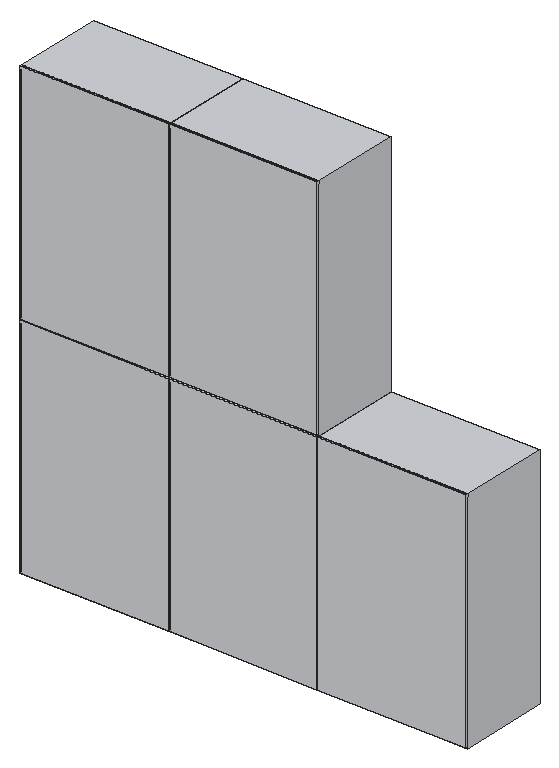
Revit family "LSN Configuration-D", category Electrical Equipment, host Face, Revit 2021
Family settings
  Host = Face
  Round Connector Dimension = Use Diameter
  Part Type = Other Panel
  OmniClass Number = 23.80.30.11.14
  OmniClass Title = Inverters
  Cut with Voids When Loaded = No
  Shared = No
  Room Calculation Point = No
Parameters (values of type "LSN")
  Width = 30.00"  # constant formula
  Wattage = ""
  Voltage = ""
  URL = "https://www.currentlighting.com/dual-lite"
  Temperature Range = "20°C - 30°C (68°F - 86°F)"  # constant formula
  Product Page URL = ""
  Product Documentation Link = ""
  Output Voltage = Output Voltage : 120/240VAC
  Model = "LSN - D Series"  # constant formula
  Manufacturer = "Dual-Lite"  # constant formula
  Load Classification = Power
  Input Voltage = Input Voltage : 120VAC
  Housing Material = Metal - Steel - Gray
  Height = 46.00"  # constant formula
  Door Open [instance] = no
  Door Angle [instance] = if(Door Open, 90.00°, 0.00°)  # 0.00°
  Description = "Single-Phase Central Lighting Inverters"  # constant formula
  Depth = 18.63"  # constant formula
  Default Elevation = 48.00"
  Connector Description = "Electrical Connector"  # constant formula
  Capacity Rating = Capacity Rating : 01 = 1.0KVA
  Battery Type = Battery Type : G = 20-Year VRLA Lead-Calcium
  Assembly Code = "D5090200"
Reference planes (in)
  plane 1 "Center (Front/Back)": y = 0
  plane 2 "Bottom": z = 0
  plane 3 "Center (Left/Right)": x = 0
  plane 4 "Right": x = 15
  plane 5 "Left": x = -15
  plane 6 "Top": z = 46
  plane 7 "T": y = 9.315
  plane 8 "Front": y = -9.315
  plane 9: y = -8.815
  plane 10: x = -14.5
  plane 11: z = 45.5
  plane 12: x = 14.5
  plane 13: z = 0.5
  plane 14: y = 8.815
Lines and regions (in)
  reference lines
    curve 1: line (-15, -8.815, 0) -> (-15, -9.315, 0)
    curve 2: line (-15, -8.815, 0) -> (-15, -15.565, 0)
    curve 3: line (-15, -8.815, 0) -> (-7, -8.815, 0)
Dimensions and locks (in)
  "Width": plane 5 "Left" to plane 4 "Right"
  "Depth": plane 8 "Front" to plane 7 "T"
  equal spacing: plane 8 "Front", plane 1 "Center (Front/Back)", plane 7 "T"
  equal spacing: plane 5 "Left", plane 3 "Center (Left/Right)", plane 4 "Right"
  locked: plane 9 to plane 8 "Front" at 0.5
  locked: plane 14 to plane 7 "T" at 0.5
  locked: curve 2 to curve 3 (angle 90.00°)
  "Door Angle": angle curve 3 to plane 9
  aligned and locked: host face to plane 2 "Bottom"
  aligned and locked: plane 9 to curve 1
  aligned and locked: plane 3 "Center (Left/Right)" to nested 1
  aligned and locked: plane 3 "Center (Left/Right)" to nested 2
  aligned and locked: plane 1 "Center (Front/Back)" to nested 1
  aligned and locked: plane 1 "Center (Front/Back)" to nested 2
  aligned and locked: nested 3 to plane 4 "Right"
  aligned and locked: plane 1 "Center (Front/Back)" to nested 3
  aligned and locked: nested 4 to plane 4 "Right"
  aligned and locked: plane 1 "Center (Front/Back)" to nested 4
  aligned and locked: nested 5 to nested 4
  aligned and locked: plane 1 "Center (Front/Back)" to nested 5
Automatic sketch dimensions
  host sketch curve to host sketch curve = 137.27536"
  host sketch curve to host sketch curve = 96.00"
  curve 1 to plane 5 "Left" = 0.00"
  curve 1 to plane 8 "Front" = 0.00"
Nested families (in)
  nested 1: "LSN" at (0, 0, 0), type "LSN"
    with Door Angle 0.00°
  nested 2: "LSN-1" at (0, 0, 46), type "LSN"
    with Door Angle 0.00°
  nested 3: "LSN" at (30, 0, 0), type "LSN"
    with Door Angle 0.00°
  nested 4: "LSN" at (30, 0, 46), type "LSN"
    with Door Angle 0.00°
  nested 5: "LSN" at (60, 0, 0), type "LSN"
    with Door Angle 0.00°
Connectors (in)
  electrical at (0, 9.315, 23), driven by "Connector Description", driven by "Load Classification"
    settings: on nested 1, index 1, voltage 0 V, apparent load 0 VA, apparent load phase1 0 VA, apparent load phase2 0 VA, apparent load phase3 0 VA, power factor 1, load classification "Power", number of poles 1, system type 30, power factor state 1, is connector primary yes, connector utility no, sub classification motor no, connector description "Electrical Connector"
Definition of nested family "LSN"
  Parameters
    Width = 30.00"  # constant formula
    Wattage = ""
    Voltage = ""
    URL = "http://www.dual-lite.com/"
    Temperature Range = "20°C - 30°C (68°F - 86°F)"  # constant formula
    Product Page URL = "http://www.dual-lite.com/products/lsn_d_series"
    Product Documentation Link = "http://cdn.dual-lite.com/content/products/specs/specs_files/dlt_lsn_specsht.pdf"
    Model = "LSN - D Series"  # constant formula
    Manufacturer Phone = "864-678-1000"  # constant formula
    Manufacturer Fax = "866-898-0131"  # constant formula
    Manufacturer = "Dual-Lite"  # constant formula
    Load Classification = none
    Housing Material = none
    Height = 46.00"  # constant formula
    Door Open = no
    Door Angle [instance] = if(Door Open, 90.00°, 0.00°)  # 0.00°
    Description = "Single-Phase Central Lighting Inverters"  # constant formula
    Depth = 18.63"  # constant formula
    Default Elevation = 48.00"
    Connector Description = "Electrical Connector"  # constant formula
    Assembly Code = "D5090200"
  Reference planes (in)
    plane 1 "Center (Front/Back)": y = 0
    plane 2 "Bottom": z = 0
    plane 3 "Center (Left/Right)": x = 0
    plane 4 "Right": x = 15
    plane 5 "Left": x = -15
    plane 6 "Top": z = 46
    plane 7 "T": y = 9.315
    plane 8 "Front": y = -9.315
    plane 9: y = -8.815
    plane 10: x = -14.5
    plane 11: z = 45.5
    plane 12: x = 14.5
    plane 13: z = 0.5
    plane 14: y = 8.815
  Forms (in)
    Extrusion 1, solid
      sketch origin (0, 0, 0) x (1, 0, 0) y (0, 1, 0)
        loop
          line (-48, 48) -> (-48, -48) -> (48, -48) -> (48, 48) -> (-48, 48)
      from 0 to -12
    Extrusion 2, solid, material <- "Housing Material"
      sketch origin (31, -10.16313, -33.67652) x (-1, 0, 0) y (0, 0, -1)
        loop
          line (46, -79.67652) -> (46, -33.67652) -> (16, -33.67652) -> (16, -79.67652) -> (46, -79.67652)
      from -1.34813 to -19.47813
    Extrusion 3, void
      sketch origin (0, -10.16313, 0) x (-1, 0, 0) y (0, 0, -1)
        loop
          line (14.5, -45.5) -> (14.5, -0.5) -> (-14.5, -0.5) -> (-14.5, -45.5) -> (14.5, -45.5)
      from -0.84813 to -18.97813
  Cuts and joins
    Extrusion 3 cuts Extrusion 2
  Lines and regions (in)
    reference lines
      curve 1: line (-15, -8.815, 0) -> (-15, -9.315, 0)
      curve 2: line (-15, -8.815, 0) -> (-15, -15.565, 0)
      curve 3: line (-15, -8.815, 0) -> (-7, -8.815, 0)
  Dimensions and locks (in)
    "Width": plane 5 "Left" to plane 4 "Right"
    "Depth": plane 8 "Front" to plane 7 "T"
    equal spacing: plane 8 "Front", plane 1 "Center (Front/Back)", plane 7 "T"
    equal spacing: plane 5 "Left", plane 3 "Center (Left/Right)", plane 4 "Right"
    locked: plane 9 to plane 8 "Front" at 0.5
    locked: plane 5 "Left" to plane 10 at 0.5
    locked: plane 6 "Top" to plane 11 at 0.5
    locked: plane 4 "Right" to plane 12 at 0.5
    locked: plane 14 to plane 7 "T" at 0.5
    locked: plane 13 to plane 2 "Bottom" at 0.5
    "Height": plane 6 "Top" to plane 2 "Bottom"
    locked: curve 2 to curve 3 (angle 90.00°)
    "Door Angle": angle curve 3 to plane 9
    "Door Angle": angle nested 1 to plane 9
    aligned and locked: plane 2 "Bottom" to Extrusion 1
    aligned and locked: Extrusion 2 sketch curve to plane 4 "Right"
    aligned and locked: plane 5 "Left" to Extrusion 2 sketch curve
    aligned and locked: Extrusion 3 sketch curve to plane 11
    aligned and locked: Extrusion 3 sketch curve to plane 12
    aligned and locked: plane 13 to Extrusion 3 sketch curve
    aligned and locked: Extrusion 3 sketch curve to plane 10
    aligned and locked: Extrusion 3 to plane 14
    aligned and locked: plane 9 to curve 1
    aligned and locked: Extrusion 2 to plane 7 "T"
    aligned and locked: Extrusion 3 to plane 8 "Front"
    aligned and locked: Extrusion 2 to plane 9
    aligned and locked: plane 6 "Top" to Extrusion 2
    aligned and locked: curve 2 to nested 1
    aligned and locked: curve 3 to nested 1
    aligned and locked: plane 6 "Top" to nested 1
  Automatic sketch dimensions
    Extrusion 1 sketch curve to Extrusion 1 sketch curve = 96.00"  (x2)
    Extrusion 2 sketch curve to plane 6 "Top" = 0.00"
    curve 3 to plane 5 "Left" = 0.00"
    curve 1 to plane 8 "Front" = 0.00"
    Extrusion 2 sketch curve to plane 2 "Bottom" = 0.00"
  Nested families (in)
    nested 1: "Door" at (0, -8.815, 0), type "Door"
  Definition of nested family "Door"
    Parameters
      Material = none
      Length = 30.00"
      Height = 46.00"
      Default Elevation = 0.00"
    Reference planes (in)
      plane 1 "Center (Front/Back)": y = 0
      plane 2: z = 0
      plane 3 "Center (Left/Right)": x = 0
      plane 4: x = 15
      plane 5: x = -15
      plane 6: y = -0.5
      plane 7: y = -0.4
      plane 8: z = 46
      plane 9: z = 0.50743
      plane 10: z = 45.5
      plane 11: x = -14.8
      plane 12: x = 14.8
      plane 13: z = 0.29687
    Forms (in)
      Extrusion 1, solid, material <- "Material"
        sketch origin (0, 0, 0) x (0, 1, 0) y (0, 0, 1)
          loop
            line (0, 46) -> (-0.5, 46) -> (-0.5, 0.29687) -> (0, 0.29687) -> (0, 0.50743) -> (-0.4, 0.50743) -> (-0.4, 45.5) -> (0, 45.5) -> (0, 46)
        from -15 to 15
      Extrusion 2, solid, material <- "Material"
        sketch origin (0, 0, 0) x (1, 0, 0) y (0, 1, 0)
          loop
            line (-15, 0) -> (-15, -0.4) -> (-14.8, -0.4) -> (-14.8, 0) -> (-15, 0)
          loop
            line (14.8, 0) -> (14.8, -0.4) -> (15, -0.4) -> (15, 0) -> (14.8, 0)
        from 0.50743 to 45.5
      Extrusion 3, void, not visible
        sketch origin (0, 0, 0) x (1, 0, 0) y (0, 0, 1)
          loop
            line (-13.99886, 4.74938) -> (-13.99886, 1.74938) -> (-13.74886, 1.74938) -> (-13.74886, 4.74938) -> (-13.99886, 4.74938)
        from 0 to 12
    Lines and regions (in)
      reference lines
        curve 1: line (-15, -0.5, 0) -> (-15, -2.25, 0)
        curve 2: line (-15, -0.5, 0) -> (18.75, -0.5, 0)
      model lines
        curve 3: circle (-12.83648, -0.5, 24.38305) r 0.5 normal (0, -1, 0)
    Dimensions and locks (in)
      equal spacing: plane 5, plane 3 "Center (Left/Right)", plane 4
      "Length": plane 5 to plane 4
      plane 1 "Center (Front/Back)" to plane 6 = 0.50"
      plane 7 to plane 6 = 0.10"
      "Height": plane 8 to level
      plane 8 to plane 10 = 0.50"
      plane 1 "Center (Front/Back)" to Extrusion 2 = 0.40"
      locked: plane 4 to plane 12 at 0.2
      locked: plane 11 to plane 5 at 0.2
      locked: plane 13 to plane 2 at 0.29688
      aligned and locked: plane 2 to level
      aligned and locked: Extrusion 1 sketch curve to plane 8
      aligned and locked: Extrusion 1 sketch curve to plane 6
      aligned and locked: plane 7 to Extrusion 1 sketch curve
      aligned and locked: plane 1 "Center (Front/Back)" to Extrusion 1 sketch curve
      aligned and locked: Extrusion 1 to plane 10
      aligned and locked: plane 9 to Extrusion 1
      aligned and locked: Extrusion 1 to plane 5
      aligned and locked: plane 4 to Extrusion 1
      aligned and locked: Extrusion 2 sketch curve to plane 11
      aligned and locked: plane 1 "Center (Front/Back)" to Extrusion 2 sketch curve
      aligned and locked: Extrusion 2 sketch curve to plane 12
      aligned and locked: plane 10 to Extrusion 2
      aligned and locked: Extrusion 2 to plane 9
      aligned and locked: Extrusion 2 sketch curve to plane 7  (x2)
    Automatic sketch dimensions
      curve 1 to plane 5 = 0.00"
      plane 6 to curve 2 = 0.00"
      plane 4 to curve 2 = 3.75"
      curve 1 to curve 1 = 1.75"
      Extrusion 3 sketch curve to Extrusion 3 sketch curve = 0.25"
      Extrusion 3 sketch curve to Extrusion 3 sketch curve = 3.00"
      Extrusion 1 sketch curve to plane 1 "Center (Front/Back)" = 0.00"
      Extrusion 1 sketch curve to plane 9 = 0.00"
      Extrusion 1 sketch curve to plane 10 = 0.00"
      Extrusion 2 sketch curve to plane 5 = 0.00"
      Extrusion 2 sketch curve to plane 4 = 0.00"
      plane 1 "Center (Front/Back)" to Extrusion 2 sketch curve = 0.00"
      plane 11 to curve 3 = 1.96352"
      curve 3 to plane 10 = 21.11695"
      level to Extrusion 1 sketch curve = 0.29688"
      radius of curve 3 = 0.50"
Definition of nested family "LSN-1"
  Parameters
    Width = 30.00"  # constant formula
    Wattage = ""
    Voltage = ""
    URL = "http://www.dual-lite.com/"
    Temperature Range = "20°C - 30°C (68°F - 86°F)"  # constant formula
    Product Page URL = "http://www.dual-lite.com/products/lsn_d_series"
    Product Documentation Link = "http://cdn.dual-lite.com/content/products/specs/specs_files/dlt_lsn_specsht.pdf"
    Model = "LSN - D Series"  # constant formula
    Manufacturer Phone = "864-678-1000"  # constant formula
    Manufacturer Fax = "866-898-0131"  # constant formula
    Manufacturer = "Dual-Lite"  # constant formula
    Load Classification = none
    Housing Material = none
    Height = 46.00"  # constant formula
    Door Open = no
    Door Angle [instance] = if(Door Open, 90.00°, 0.00°)  # 0.00°
    Description = "Single-Phase Central Lighting Inverters"  # constant formula
    Depth = 18.63"  # constant formula
    Default Elevation = 48.00"
    Connector Description = "Electrical Connector"  # constant formula
    Assembly Code = "D5090200"
  Reference planes (in)
    plane 1 "Center (Front/Back)": y = 0
    plane 2 "Bottom": z = 0
    plane 3 "Center (Left/Right)": x = 0
    plane 4 "Right": x = 15
    plane 5 "Left": x = -15
    plane 6 "Top": z = 46
    plane 7 "T": y = 9.315
    plane 8 "Front": y = -9.315
    plane 9: y = -8.815
    plane 10: x = -14.5
    plane 11: z = 45.5
    plane 12: x = 14.5
    plane 13: z = 0.5
    plane 14: y = 8.815
  Forms (in)
    Extrusion 1, solid
      sketch origin (0, 0, 0) x (1, 0, 0) y (0, 1, 0)
        loop
          line (-48, 48) -> (-48, -48) -> (48, -48) -> (48, 48) -> (-48, 48)
      from 0 to -12
    Extrusion 2, solid, material <- "Housing Material"
      sketch origin (31, -10.16313, -33.67652) x (-1, 0, 0) y (0, 0, -1)
        loop
          line (46, -79.67652) -> (46, -33.67652) -> (16, -33.67652) -> (16, -79.67652) -> (46, -79.67652)
      from -1.34813 to -19.47813
    Extrusion 3, void
      sketch origin (0, -10.16313, 0) x (-1, 0, 0) y (0, 0, -1)
        loop
          line (14.5, -45.5) -> (14.5, -0.5) -> (-14.5, -0.5) -> (-14.5, -45.5) -> (14.5, -45.5)
      from -0.84813 to -18.97813
  Cuts and joins
    Extrusion 3 cuts Extrusion 2
  Lines and regions (in)
    reference lines
      curve 1: line (-15, -8.815, 0) -> (-15, -9.315, 0)
      curve 2: line (-15, -8.815, 0) -> (-15, -15.565, 0)
      curve 3: line (-15, -8.815, 0) -> (-7, -8.815, 0)
  Dimensions and locks (in)
    "Width": plane 5 "Left" to plane 4 "Right"
    "Depth": plane 8 "Front" to plane 7 "T"
    equal spacing: plane 8 "Front", plane 1 "Center (Front/Back)", plane 7 "T"
    equal spacing: plane 5 "Left", plane 3 "Center (Left/Right)", plane 4 "Right"
    locked: plane 9 to plane 8 "Front" at 0.5
    locked: plane 5 "Left" to plane 10 at 0.5
    locked: plane 6 "Top" to plane 11 at 0.5
    locked: plane 4 "Right" to plane 12 at 0.5
    locked: plane 14 to plane 7 "T" at 0.5
    locked: plane 13 to plane 2 "Bottom" at 0.5
    "Height": plane 6 "Top" to plane 2 "Bottom"
    locked: curve 2 to curve 3 (angle 90.00°)
    "Door Angle": angle curve 3 to plane 9
    "Door Angle": angle nested 1 to plane 9
    aligned and locked: plane 2 "Bottom" to Extrusion 1
    aligned and locked: Extrusion 2 sketch curve to plane 4 "Right"
    aligned and locked: plane 5 "Left" to Extrusion 2 sketch curve
    aligned and locked: Extrusion 3 sketch curve to plane 11
    aligned and locked: Extrusion 3 sketch curve to plane 12
    aligned and locked: plane 13 to Extrusion 3 sketch curve
    aligned and locked: Extrusion 3 sketch curve to plane 10
    aligned and locked: Extrusion 3 to plane 14
    aligned and locked: plane 9 to curve 1
    aligned and locked: Extrusion 2 to plane 7 "T"
    aligned and locked: Extrusion 3 to plane 8 "Front"
    aligned and locked: Extrusion 2 to plane 9
    aligned and locked: plane 6 "Top" to Extrusion 2
    aligned and locked: curve 2 to nested 1
    aligned and locked: curve 3 to nested 1
    aligned and locked: plane 6 "Top" to nested 1
  Automatic sketch dimensions
    Extrusion 1 sketch curve to Extrusion 1 sketch curve = 96.00"  (x2)
    Extrusion 2 sketch curve to plane 6 "Top" = 0.00"
    curve 3 to plane 5 "Left" = 0.00"
    curve 1 to plane 8 "Front" = 0.00"
    Extrusion 2 sketch curve to plane 2 "Bottom" = 0.00"
  Nested families (in)
    nested 1: "Door" at (0, -8.815, 0), type "Door"
  Definition of nested family "Door"
    Parameters
      Material = none
      Length = 30.00"
      Height = 46.00"
      Default Elevation = 0.00"
    Reference planes (in)
      plane 1 "Center (Front/Back)": y = 0
      plane 2: z = 0
      plane 3 "Center (Left/Right)": x = 0
      plane 4: x = 15
      plane 5: x = -15
      plane 6: y = -0.5
      plane 7: y = -0.4
      plane 8: z = 46
      plane 9: z = 0.50743
      plane 10: z = 45.5
      plane 11: x = -14.8
      plane 12: x = 14.8
      plane 13: z = 0.29687
    Forms (in)
      Extrusion 1, solid, material <- "Material"
        sketch origin (0, 0, 0) x (0, 1, 0) y (0, 0, 1)
          loop
            line (0, 46) -> (-0.5, 46) -> (-0.5, 0.29687) -> (0, 0.29687) -> (0, 0.50743) -> (-0.4, 0.50743) -> (-0.4, 45.5) -> (0, 45.5) -> (0, 46)
        from -15 to 15
      Extrusion 2, solid, material <- "Material"
        sketch origin (0, 0, 0) x (1, 0, 0) y (0, 1, 0)
          loop
            line (-15, 0) -> (-15, -0.4) -> (-14.8, -0.4) -> (-14.8, 0) -> (-15, 0)
          loop
            line (14.8, 0) -> (14.8, -0.4) -> (15, -0.4) -> (15, 0) -> (14.8, 0)
        from 0.50743 to 45.5
      Extrusion 3, void, not visible
        sketch origin (0, 0, 0) x (1, 0, 0) y (0, 0, 1)
          loop
            line (-13.99886, 4.74938) -> (-13.99886, 1.74938) -> (-13.74886, 1.74938) -> (-13.74886, 4.74938) -> (-13.99886, 4.74938)
        from 0 to 12
    Lines and regions (in)
      reference lines
        curve 1: line (-15, -0.5, 0) -> (-15, -2.25, 0)
        curve 2: line (-15, -0.5, 0) -> (18.75, -0.5, 0)
      model lines
        curve 3: line (-13.5, -0.5, 19.91964) -> (13.5, -0.5, 19.91964)
        curve 4: line (-13.5, -0.5, 12.41964) -> (-13.5, -0.5, 19.91964)
        curve 5: line (13.5, -0.5, 12.41964) -> (-13.5, -0.5, 12.41964)
        curve 6: circle (0, -0.5, 13.68461) r 0.5 normal (0, -1, 0)
        curve 7: circle (-12.83648, -0.5, 24.38305) r 0.5 normal (0, -1, 0)
        curve 8: line (13.5, -0.5, 12.41964) -> (13.5, -0.5, 19.91964)
        curve 9: line (-13.99886, -0.5, 4.12438) -> (-13.74886, -0.5, 4.12438)
        curve 10: line (-13.99886, -0.5, 1.12438) -> (-13.99886, -0.5, 4.12438)
        curve 11: line (-13.74886, -0.5, 1.12438) -> (-13.99886, -0.5, 1.12438)
        curve 12: line (-13.74886, -0.5, 4.12438) -> (-13.74886, -0.5, 1.12438)
        curve 13: line (13.75114, -0.5, 4.12438) -> (14.00114, -0.5, 4.12438)
        curve 14: line (13.75114, -0.5, 1.12438) -> (13.75114, -0.5, 4.12438)
        curve 15: line (14.00114, -0.5, 1.12438) -> (13.75114, -0.5, 1.12438)
        curve 16: line (14.00114, -0.5, 4.12438) -> (14.00114, -0.5, 1.12438)
        curve 17: line (-13.43253, -0.5, 4.12438) -> (-13.18253, -0.5, 4.12438)
        curve 18: line (-13.43253, -0.5, 1.12438) -> (-13.43253, -0.5, 4.12438)
        curve 19: line (-13.18253, -0.5, 1.12438) -> (-13.43253, -0.5, 1.12438)
        curve 20: line (-13.18253, -0.5, 4.12438) -> (-13.18253, -0.5, 1.12438)
        curve 21: line (-12.86621, -0.5, 4.12438) -> (-12.61621, -0.5, 4.12438)
        curve 22: line (-12.86621, -0.5, 1.12438) -> (-12.86621, -0.5, 4.12438)
        curve 23: line (-12.61621, -0.5, 1.12438) -> (-12.86621, -0.5, 1.12438)
        curve 24: line (-12.61621, -0.5, 4.12438) -> (-12.61621, -0.5, 1.12438)
        curve 25: line (-12.29988, -0.5, 4.12438) -> (-12.04988, -0.5, 4.12438)
        curve 26: line (-12.29988, -0.5, 1.12438) -> (-12.29988, -0.5, 4.12438)
        curve 27: line (-12.04988, -0.5, 1.12438) -> (-12.29988, -0.5, 1.12438)
        curve 28: line (-12.04988, -0.5, 4.12438) -> (-12.04988, -0.5, 1.12438)
        curve 29: line (-11.73355, -0.5, 4.12438) -> (-11.48355, -0.5, 4.12438)
        curve 30: line (-11.73355, -0.5, 1.12438) -> (-11.73355, -0.5, 4.12438)
        curve 31: line (-11.48355, -0.5, 1.12438) -> (-11.73355, -0.5, 1.12438)
        curve 32: line (-11.48355, -0.5, 4.12438) -> (-11.48355, -0.5, 1.12438)
        curve 33: line (-11.16723, -0.5, 4.12438) -> (-10.91723, -0.5, 4.12438)
        curve 34: line (-11.16723, -0.5, 1.12438) -> (-11.16723, -0.5, 4.12438)
        curve 35: line (-10.91723, -0.5, 1.12438) -> (-11.16723, -0.5, 1.12438)
        curve 36: line (-10.91723, -0.5, 4.12438) -> (-10.91723, -0.5, 1.12438)
        curve 37: line (-10.6009, -0.5, 4.12438) -> (-10.3509, -0.5, 4.12438)
        curve 38: line (-10.6009, -0.5, 1.12438) -> (-10.6009, -0.5, 4.12438)
        curve 39: line (-10.3509, -0.5, 1.12438) -> (-10.6009, -0.5, 1.12438)
        curve 40: line (-10.3509, -0.5, 4.12438) -> (-10.3509, -0.5, 1.12438)
        curve 41: line (-10.03457, -0.5, 4.12438) -> (-9.78457, -0.5, 4.12438)
        curve 42: line (-10.03457, -0.5, 1.12438) -> (-10.03457, -0.5, 4.12438)
        curve 43: line (-9.78457, -0.5, 1.12438) -> (-10.03457, -0.5, 1.12438)
        curve 44: line (-9.78457, -0.5, 4.12438) -> (-9.78457, -0.5, 1.12438)
        curve 45: line (-9.46825, -0.5, 4.12438) -> (-9.21825, -0.5, 4.12438)
        curve 46: line (-9.46825, -0.5, 1.12438) -> (-9.46825, -0.5, 4.12438)
        curve 47: line (-9.21825, -0.5, 1.12438) -> (-9.46825, -0.5, 1.12438)
        curve 48: line (-9.21825, -0.5, 4.12438) -> (-9.21825, -0.5, 1.12438)
        curve 49: line (-8.90192, -0.5, 4.12438) -> (-8.65192, -0.5, 4.12438)
        curve 50: line (-8.90192, -0.5, 1.12438) -> (-8.90192, -0.5, 4.12438)
        curve 51: line (-8.65192, -0.5, 1.12438) -> (-8.90192, -0.5, 1.12438)
        curve 52: line (-8.65192, -0.5, 4.12438) -> (-8.65192, -0.5, 1.12438)
        curve 53: line (-8.33559, -0.5, 4.12438) -> (-8.08559, -0.5, 4.12438)
        curve 54: line (-8.33559, -0.5, 1.12438) -> (-8.33559, -0.5, 4.12438)
        curve 55: line (-8.08559, -0.5, 1.12438) -> (-8.33559, -0.5, 1.12438)
        curve 56: line (-8.08559, -0.5, 4.12438) -> (-8.08559, -0.5, 1.12438)
        curve 57: line (-7.76927, -0.5, 4.12438) -> (-7.51927, -0.5, 4.12438)
        curve 58: line (-7.76927, -0.5, 1.12438) -> (-7.76927, -0.5, 4.12438)
        curve 59: line (-7.51927, -0.5, 1.12438) -> (-7.76927, -0.5, 1.12438)
        curve 60: line (-7.51927, -0.5, 4.12438) -> (-7.51927, -0.5, 1.12438)
        curve 61: line (-7.20294, -0.5, 4.12438) -> (-6.95294, -0.5, 4.12438)
        curve 62: line (-7.20294, -0.5, 1.12438) -> (-7.20294, -0.5, 4.12438)
        curve 63: line (-6.95294, -0.5, 1.12438) -> (-7.20294, -0.5, 1.12438)
        curve 64: line (-6.95294, -0.5, 4.12438) -> (-6.95294, -0.5, 1.12438)
        curve 65: line (-6.63661, -0.5, 4.12438) -> (-6.38661, -0.5, 4.12438)
        curve 66: line (-6.63661, -0.5, 1.12438) -> (-6.63661, -0.5, 4.12438)
        curve 67: line (-6.38661, -0.5, 1.12438) -> (-6.63661, -0.5, 1.12438)
        curve 68: line (-6.38661, -0.5, 4.12438) -> (-6.38661, -0.5, 1.12438)
        curve 69: line (-6.07029, -0.5, 4.12438) -> (-5.82029, -0.5, 4.12438)
        curve 70: line (-6.07029, -0.5, 1.12438) -> (-6.07029, -0.5, 4.12438)
        curve 71: line (-5.82029, -0.5, 1.12438) -> (-6.07029, -0.5, 1.12438)
        curve 72: line (-5.82029, -0.5, 4.12438) -> (-5.82029, -0.5, 1.12438)
        curve 73: line (-5.50396, -0.5, 4.12438) -> (-5.25396, -0.5, 4.12438)
        curve 74: line (-5.50396, -0.5, 1.12438) -> (-5.50396, -0.5, 4.12438)
        curve 75: line (-5.25396, -0.5, 1.12438) -> (-5.50396, -0.5, 1.12438)
        curve 76: line (-5.25396, -0.5, 4.12438) -> (-5.25396, -0.5, 1.12438)
        curve 77: line (-4.93764, -0.5, 4.12438) -> (-4.68764, -0.5, 4.12438)
        curve 78: line (-4.93764, -0.5, 1.12438) -> (-4.93764, -0.5, 4.12438)
        curve 79: line (-4.68764, -0.5, 1.12438) -> (-4.93764, -0.5, 1.12438)
        curve 80: line (-4.68764, -0.5, 4.12438) -> (-4.68764, -0.5, 1.12438)
        curve 81: line (-4.37131, -0.5, 4.12438) -> (-4.12131, -0.5, 4.12438)
        curve 82: line (-4.37131, -0.5, 1.12438) -> (-4.37131, -0.5, 4.12438)
        curve 83: line (-4.12131, -0.5, 1.12438) -> (-4.37131, -0.5, 1.12438)
        curve 84: line (-4.12131, -0.5, 4.12438) -> (-4.12131, -0.5, 1.12438)
        curve 85: line (-3.80498, -0.5, 4.12438) -> (-3.55498, -0.5, 4.12438)
        curve 86: line (-3.80498, -0.5, 1.12438) -> (-3.80498, -0.5, 4.12438)
        curve 87: line (-3.55498, -0.5, 1.12438) -> (-3.80498, -0.5, 1.12438)
        curve 88: line (-3.55498, -0.5, 4.12438) -> (-3.55498, -0.5, 1.12438)
        curve 89: line (-3.23866, -0.5, 4.12438) -> (-2.98866, -0.5, 4.12438)
        curve 90: line (-3.23866, -0.5, 1.12438) -> (-3.23866, -0.5, 4.12438)
        curve 91: line (-2.98866, -0.5, 1.12438) -> (-3.23866, -0.5, 1.12438)
        curve 92: line (-2.98866, -0.5, 4.12438) -> (-2.98866, -0.5, 1.12438)
        curve 93: line (-2.67233, -0.5, 4.12438) -> (-2.42233, -0.5, 4.12438)
        curve 94: line (-2.67233, -0.5, 1.12438) -> (-2.67233, -0.5, 4.12438)
        curve 95: line (-2.42233, -0.5, 1.12438) -> (-2.67233, -0.5, 1.12438)
        curve 96: line (-2.42233, -0.5, 4.12438) -> (-2.42233, -0.5, 1.12438)
        curve 97: line (-2.106, -0.5, 4.12438) -> (-1.856, -0.5, 4.12438)
        curve 98: line (-2.106, -0.5, 1.12438) -> (-2.106, -0.5, 4.12438)
        curve 99: line (-1.856, -0.5, 1.12438) -> (-2.106, -0.5, 1.12438)
        curve 100: line (-1.856, -0.5, 4.12438) -> (-1.856, -0.5, 1.12438)
        curve 101: line (-1.53968, -0.5, 4.12438) -> (-1.28968, -0.5, 4.12438)
        curve 102: line (-1.53968, -0.5, 1.12438) -> (-1.53968, -0.5, 4.12438)
        curve 103: line (-1.28968, -0.5, 1.12438) -> (-1.53968, -0.5, 1.12438)
        curve 104: line (-1.28968, -0.5, 4.12438) -> (-1.28968, -0.5, 1.12438)
        curve 105: line (-0.97335, -0.5, 4.12438) -> (-0.72335, -0.5, 4.12438)
        curve 106: line (-0.97335, -0.5, 1.12438) -> (-0.97335, -0.5, 4.12438)
        curve 107: line (-0.72335, -0.5, 1.12438) -> (-0.97335, -0.5, 1.12438)
        curve 108: line (-0.72335, -0.5, 4.12438) -> (-0.72335, -0.5, 1.12438)
        curve 109: line (-0.40702, -0.5, 4.12438) -> (-0.15702, -0.5, 4.12438)
        curve 110: line (-0.40702, -0.5, 1.12438) -> (-0.40702, -0.5, 4.12438)
        curve 111: line (-0.15702, -0.5, 1.12438) -> (-0.40702, -0.5, 1.12438)
        curve 112: line (-0.15702, -0.5, 4.12438) -> (-0.15702, -0.5, 1.12438)
        curve 113: line (0.1593, -0.5, 4.12438) -> (0.4093, -0.5, 4.12438)
        curve 114: line (0.1593, -0.5, 1.12438) -> (0.1593, -0.5, 4.12438)
        curve 115: line (0.4093, -0.5, 1.12438) -> (0.1593, -0.5, 1.12438)
        curve 116: line (0.4093, -0.5, 4.12438) -> (0.4093, -0.5, 1.12438)
        curve 117: line (0.72563, -0.5, 4.12438) -> (0.97563, -0.5, 4.12438)
        curve 118: line (0.72563, -0.5, 1.12438) -> (0.72563, -0.5, 4.12438)
        curve 119: line (0.97563, -0.5, 1.12438) -> (0.72563, -0.5, 1.12438)
        curve 120: line (0.97563, -0.5, 4.12438) -> (0.97563, -0.5, 1.12438)
        curve 121: line (1.29196, -0.5, 4.12438) -> (1.54196, -0.5, 4.12438)
        curve 122: line (1.29196, -0.5, 1.12438) -> (1.29196, -0.5, 4.12438)
        curve 123: line (1.54196, -0.5, 1.12438) -> (1.29196, -0.5, 1.12438)
        curve 124: line (1.54196, -0.5, 4.12438) -> (1.54196, -0.5, 1.12438)
        curve 125: line (1.85828, -0.5, 4.12438) -> (2.10828, -0.5, 4.12438)
        curve 126: line (1.85828, -0.5, 1.12438) -> (1.85828, -0.5, 4.12438)
        curve 127: line (2.10828, -0.5, 1.12438) -> (1.85828, -0.5, 1.12438)
        curve 128: line (2.10828, -0.5, 4.12438) -> (2.10828, -0.5, 1.12438)
        curve 129: line (2.42461, -0.5, 4.12438) -> (2.67461, -0.5, 4.12438)
        curve 130: line (2.42461, -0.5, 1.12438) -> (2.42461, -0.5, 4.12438)
        curve 131: line (2.67461, -0.5, 1.12438) -> (2.42461, -0.5, 1.12438)
        curve 132: line (2.67461, -0.5, 4.12438) -> (2.67461, -0.5, 1.12438)
        curve 133: line (2.99094, -0.5, 4.12438) -> (3.24094, -0.5, 4.12438)
        curve 134: line (2.99094, -0.5, 1.12438) -> (2.99094, -0.5, 4.12438)
        curve 135: line (3.24094, -0.5, 1.12438) -> (2.99094, -0.5, 1.12438)
        curve 136: line (3.24094, -0.5, 4.12438) -> (3.24094, -0.5, 1.12438)
        curve 137: line (3.55726, -0.5, 4.12438) -> (3.80726, -0.5, 4.12438)
        curve 138: line (3.55726, -0.5, 1.12438) -> (3.55726, -0.5, 4.12438)
        curve 139: line (3.80726, -0.5, 1.12438) -> (3.55726, -0.5, 1.12438)
        curve 140: line (3.80726, -0.5, 4.12438) -> (3.80726, -0.5, 1.12438)
        curve 141: line (4.12359, -0.5, 4.12438) -> (4.37359, -0.5, 4.12438)
        curve 142: line (4.12359, -0.5, 1.12438) -> (4.12359, -0.5, 4.12438)
        curve 143: line (4.37359, -0.5, 1.12438) -> (4.12359, -0.5, 1.12438)
        curve 144: line (4.37359, -0.5, 4.12438) -> (4.37359, -0.5, 1.12438)
        curve 145: line (4.68992, -0.5, 4.12438) -> (4.93992, -0.5, 4.12438)
        curve 146: line (4.68992, -0.5, 1.12438) -> (4.68992, -0.5, 4.12438)
        curve 147: line (4.93992, -0.5, 1.12438) -> (4.68992, -0.5, 1.12438)
        curve 148: line (4.93992, -0.5, 4.12438) -> (4.93992, -0.5, 1.12438)
        curve 149: line (5.25624, -0.5, 4.12438) -> (5.50624, -0.5, 4.12438)
        curve 150: line (5.25624, -0.5, 1.12438) -> (5.25624, -0.5, 4.12438)
        curve 151: line (5.50624, -0.5, 1.12438) -> (5.25624, -0.5, 1.12438)
        curve 152: line (5.50624, -0.5, 4.12438) -> (5.50624, -0.5, 1.12438)
        curve 153: line (5.82257, -0.5, 4.12438) -> (6.07257, -0.5, 4.12438)
        curve 154: line (5.82257, -0.5, 1.12438) -> (5.82257, -0.5, 4.12438)
        curve 155: line (6.07257, -0.5, 1.12438) -> (5.82257, -0.5, 1.12438)
        curve 156: line (6.07257, -0.5, 4.12438) -> (6.07257, -0.5, 1.12438)
        curve 157: line (6.3889, -0.5, 4.12438) -> (6.6389, -0.5, 4.12438)
        curve 158: line (6.3889, -0.5, 1.12438) -> (6.3889, -0.5, 4.12438)
        curve 159: line (6.6389, -0.5, 1.12438) -> (6.3889, -0.5, 1.12438)
        curve 160: line (6.6389, -0.5, 4.12438) -> (6.6389, -0.5, 1.12438)
        curve 161: line (6.95522, -0.5, 4.12438) -> (7.20522, -0.5, 4.12438)
        curve 162: line (6.95522, -0.5, 1.12438) -> (6.95522, -0.5, 4.12438)
        curve 163: line (7.20522, -0.5, 1.12438) -> (6.95522, -0.5, 1.12438)
        curve 164: line (7.20522, -0.5, 4.12438) -> (7.20522, -0.5, 1.12438)
        curve 165: line (7.52155, -0.5, 4.12438) -> (7.77155, -0.5, 4.12438)
        curve 166: line (7.52155, -0.5, 1.12438) -> (7.52155, -0.5, 4.12438)
        curve 167: line (7.77155, -0.5, 1.12438) -> (7.52155, -0.5, 1.12438)
        curve 168: line (7.77155, -0.5, 4.12438) -> (7.77155, -0.5, 1.12438)
        curve 169: line (8.08788, -0.5, 4.12438) -> (8.33788, -0.5, 4.12438)
        curve 170: line (8.08788, -0.5, 1.12438) -> (8.08788, -0.5, 4.12438)
        curve 171: line (8.33788, -0.5, 1.12438) -> (8.08788, -0.5, 1.12438)
        curve 172: line (8.33788, -0.5, 4.12438) -> (8.33788, -0.5, 1.12438)
        curve 173: line (8.6542, -0.5, 4.12438) -> (8.9042, -0.5, 4.12438)
        curve 174: line (8.6542, -0.5, 1.12438) -> (8.6542, -0.5, 4.12438)
        curve 175: line (8.9042, -0.5, 1.12438) -> (8.6542, -0.5, 1.12438)
        curve 176: line (8.9042, -0.5, 4.12438) -> (8.9042, -0.5, 1.12438)
        curve 177: line (9.22053, -0.5, 4.12438) -> (9.47053, -0.5, 4.12438)
        curve 178: line (9.22053, -0.5, 1.12438) -> (9.22053, -0.5, 4.12438)
        curve 179: line (9.47053, -0.5, 1.12438) -> (9.22053, -0.5, 1.12438)
        curve 180: line (9.47053, -0.5, 4.12438) -> (9.47053, -0.5, 1.12438)
        curve 181: line (9.78685, -0.5, 4.12438) -> (10.03685, -0.5, 4.12438)
        curve 182: line (9.78685, -0.5, 1.12438) -> (9.78685, -0.5, 4.12438)
        curve 183: line (10.03685, -0.5, 1.12438) -> (9.78685, -0.5, 1.12438)
        curve 184: line (10.03685, -0.5, 4.12438) -> (10.03685, -0.5, 1.12438)
        curve 185: line (10.35318, -0.5, 4.12438) -> (10.60318, -0.5, 4.12438)
        curve 186: line (10.35318, -0.5, 1.12438) -> (10.35318, -0.5, 4.12438)
        curve 187: line (10.60318, -0.5, 1.12438) -> (10.35318, -0.5, 1.12438)
        curve 188: line (10.60318, -0.5, 4.12438) -> (10.60318, -0.5, 1.12438)
        curve 189: line (10.91951, -0.5, 4.12438) -> (11.16951, -0.5, 4.12438)
        curve 190: line (10.91951, -0.5, 1.12438) -> (10.91951, -0.5, 4.12438)
        curve 191: line (11.16951, -0.5, 1.12438) -> (10.91951, -0.5, 1.12438)
        curve 192: line (11.16951, -0.5, 4.12438) -> (11.16951, -0.5, 1.12438)
        curve 193: line (11.48583, -0.5, 4.12438) -> (11.73583, -0.5, 4.12438)
        curve 194: line (11.48583, -0.5, 1.12438) -> (11.48583, -0.5, 4.12438)
        curve 195: line (11.73583, -0.5, 1.12438) -> (11.48583, -0.5, 1.12438)
        curve 196: line (11.73583, -0.5, 4.12438) -> (11.73583, -0.5, 1.12438)
        curve 197: line (12.05216, -0.5, 4.12438) -> (12.30216, -0.5, 4.12438)
        curve 198: line (12.05216, -0.5, 1.12438) -> (12.05216, -0.5, 4.12438)
        curve 199: line (12.30216, -0.5, 1.12438) -> (12.05216, -0.5, 1.12438)
        curve 200: line (12.30216, -0.5, 4.12438) -> (12.30216, -0.5, 1.12438)
        curve 201: line (12.61849, -0.5, 4.12438) -> (12.86849, -0.5, 4.12438)
        curve 202: line (12.61849, -0.5, 1.12438) -> (12.61849, -0.5, 4.12438)
        curve 203: line (12.86849, -0.5, 1.12438) -> (12.61849, -0.5, 1.12438)
        curve 204: line (12.86849, -0.5, 4.12438) -> (12.86849, -0.5, 1.12438)
        curve 205: line (13.18481, -0.5, 4.12438) -> (13.43481, -0.5, 4.12438)
        curve 206: line (13.18481, -0.5, 1.12438) -> (13.18481, -0.5, 4.12438)
        curve 207: line (13.43481, -0.5, 1.12438) -> (13.18481, -0.5, 1.12438)
        curve 208: line (13.43481, -0.5, 4.12438) -> (13.43481, -0.5, 1.12438)
        curve 209: line (-13.99886, -0.5, 7.49938) -> (-13.74886, -0.5, 7.49938)
        curve 210: line (-13.99886, -0.5, 4.49938) -> (-13.99886, -0.5, 7.49938)
        curve 211: line (-13.74886, -0.5, 4.49938) -> (-13.99886, -0.5, 4.49938)
        curve 212: line (-13.74886, -0.5, 7.49938) -> (-13.74886, -0.5, 4.49938)
        curve 213: line (13.75114, -0.5, 7.49938) -> (14.00114, -0.5, 7.49938)
        curve 214: line (13.75114, -0.5, 4.49938) -> (13.75114, -0.5, 7.49938)
        curve 215: line (14.00114, -0.5, 4.49938) -> (13.75114, -0.5, 4.49938)
        curve 216: line (14.00114, -0.5, 7.49938) -> (14.00114, -0.5, 4.49938)
        curve 217: line (-13.43253, -0.5, 7.49938) -> (-13.18253, -0.5, 7.49938)
        curve 218: line (-13.43253, -0.5, 4.49938) -> (-13.43253, -0.5, 7.49938)
        curve 219: line (-13.18253, -0.5, 4.49938) -> (-13.43253, -0.5, 4.49938)
        curve 220: line (-13.18253, -0.5, 7.49938) -> (-13.18253, -0.5, 4.49938)
        curve 221: line (-12.86621, -0.5, 7.49938) -> (-12.61621, -0.5, 7.49938)
        curve 222: line (-12.86621, -0.5, 4.49938) -> (-12.86621, -0.5, 7.49938)
        curve 223: line (-12.61621, -0.5, 4.49938) -> (-12.86621, -0.5, 4.49938)
        curve 224: line (-12.61621, -0.5, 7.49938) -> (-12.61621, -0.5, 4.49938)
        curve 225: line (-12.29988, -0.5, 7.49938) -> (-12.04988, -0.5, 7.49938)
        curve 226: line (-12.29988, -0.5, 4.49938) -> (-12.29988, -0.5, 7.49938)
        curve 227: line (-12.04988, -0.5, 4.49938) -> (-12.29988, -0.5, 4.49938)
        curve 228: line (-12.04988, -0.5, 7.49938) -> (-12.04988, -0.5, 4.49938)
        curve 229: line (-11.73355, -0.5, 7.49938) -> (-11.48355, -0.5, 7.49938)
        curve 230: line (-11.73355, -0.5, 4.49938) -> (-11.73355, -0.5, 7.49938)
        curve 231: line (-11.48355, -0.5, 4.49938) -> (-11.73355, -0.5, 4.49938)
        curve 232: line (-11.48355, -0.5, 7.49938) -> (-11.48355, -0.5, 4.49938)
        curve 233: line (-11.16723, -0.5, 7.49938) -> (-10.91723, -0.5, 7.49938)
        curve 234: line (-11.16723, -0.5, 4.49938) -> (-11.16723, -0.5, 7.49938)
        curve 235: line (-10.91723, -0.5, 4.49938) -> (-11.16723, -0.5, 4.49938)
        curve 236: line (-10.91723, -0.5, 7.49938) -> (-10.91723, -0.5, 4.49938)
        curve 237: line (-10.6009, -0.5, 7.49938) -> (-10.3509, -0.5, 7.49938)
        curve 238: line (-10.6009, -0.5, 4.49938) -> (-10.6009, -0.5, 7.49938)
        curve 239: line (-10.3509, -0.5, 4.49938) -> (-10.6009, -0.5, 4.49938)
        curve 240: line (-10.3509, -0.5, 7.49938) -> (-10.3509, -0.5, 4.49938)
        curve 241: line (-10.03457, -0.5, 7.49938) -> (-9.78457, -0.5, 7.49938)
        curve 242: line (-10.03457, -0.5, 4.49938) -> (-10.03457, -0.5, 7.49938)
        curve 243: line (-9.78457, -0.5, 4.49938) -> (-10.03457, -0.5, 4.49938)
        curve 244: line (-9.78457, -0.5, 7.49938) -> (-9.78457, -0.5, 4.49938)
        curve 245: line (-9.46825, -0.5, 7.49938) -> (-9.21825, -0.5, 7.49938)
        curve 246: line (-9.46825, -0.5, 4.49938) -> (-9.46825, -0.5, 7.49938)
        curve 247: line (-9.21825, -0.5, 4.49938) -> (-9.46825, -0.5, 4.49938)
        curve 248: line (-9.21825, -0.5, 7.49938) -> (-9.21825, -0.5, 4.49938)
        curve 249: line (-8.90192, -0.5, 7.49938) -> (-8.65192, -0.5, 7.49938)
        curve 250: line (-8.90192, -0.5, 4.49938) -> (-8.90192, -0.5, 7.49938)
        curve 251: line (-8.65192, -0.5, 4.49938) -> (-8.90192, -0.5, 4.49938)
        curve 252: line (-8.65192, -0.5, 7.49938) -> (-8.65192, -0.5, 4.49938)
        curve 253: line (-8.33559, -0.5, 7.49938) -> (-8.08559, -0.5, 7.49938)
        curve 254: line (-8.33559, -0.5, 4.49938) -> (-8.33559, -0.5, 7.49938)
        curve 255: line (-8.08559, -0.5, 4.49938) -> (-8.33559, -0.5, 4.49938)
        curve 256: line (-8.08559, -0.5, 7.49938) -> (-8.08559, -0.5, 4.49938)
        curve 257: line (-7.76927, -0.5, 7.49938) -> (-7.51927, -0.5, 7.49938)
        curve 258: line (-7.76927, -0.5, 4.49938) -> (-7.76927, -0.5, 7.49938)
        curve 259: line (-7.51927, -0.5, 4.49938) -> (-7.76927, -0.5, 4.49938)
        curve 260: line (-7.51927, -0.5, 7.49938) -> (-7.51927, -0.5, 4.49938)
        curve 261: line (-7.20294, -0.5, 7.49938) -> (-6.95294, -0.5, 7.49938)
        curve 262: line (-7.20294, -0.5, 4.49938) -> (-7.20294, -0.5, 7.49938)
        curve 263: line (-6.95294, -0.5, 4.49938) -> (-7.20294, -0.5, 4.49938)
        curve 264: line (-6.95294, -0.5, 7.49938) -> (-6.95294, -0.5, 4.49938)
        curve 265: line (-6.63661, -0.5, 7.49938) -> (-6.38661, -0.5, 7.49938)
        curve 266: line (-6.63661, -0.5, 4.49938) -> (-6.63661, -0.5, 7.49938)
        curve 267: line (-6.38661, -0.5, 4.49938) -> (-6.63661, -0.5, 4.49938)
        curve 268: line (-6.38661, -0.5, 7.49938) -> (-6.38661, -0.5, 4.49938)
        curve 269: line (-6.07029, -0.5, 7.49938) -> (-5.82029, -0.5, 7.49938)
        curve 270: line (-6.07029, -0.5, 4.49938) -> (-6.07029, -0.5, 7.49938)
        curve 271: line (-5.82029, -0.5, 4.49938) -> (-6.07029, -0.5, 4.49938)
        curve 272: line (-5.82029, -0.5, 7.49938) -> (-5.82029, -0.5, 4.49938)
        curve 273: line (-5.50396, -0.5, 7.49938) -> (-5.25396, -0.5, 7.49938)
        curve 274: line (-5.50396, -0.5, 4.49938) -> (-5.50396, -0.5, 7.49938)
        curve 275: line (-5.25396, -0.5, 4.49938) -> (-5.50396, -0.5, 4.49938)
        curve 276: line (-5.25396, -0.5, 7.49938) -> (-5.25396, -0.5, 4.49938)
        curve 277: line (-4.93764, -0.5, 7.49938) -> (-4.68764, -0.5, 7.49938)
        curve 278: line (-4.93764, -0.5, 4.49938) -> (-4.93764, -0.5, 7.49938)
        curve 279: line (-4.68764, -0.5, 4.49938) -> (-4.93764, -0.5, 4.49938)
        curve 280: line (-4.68764, -0.5, 7.49938) -> (-4.68764, -0.5, 4.49938)
        curve 281: line (-4.37131, -0.5, 7.49938) -> (-4.12131, -0.5, 7.49938)
        curve 282: line (-4.37131, -0.5, 4.49938) -> (-4.37131, -0.5, 7.49938)
        curve 283: line (-4.12131, -0.5, 4.49938) -> (-4.37131, -0.5, 4.49938)
        curve 284: line (-4.12131, -0.5, 7.49938) -> (-4.12131, -0.5, 4.49938)
        curve 285: line (-3.80498, -0.5, 7.49938) -> (-3.55498, -0.5, 7.49938)
        curve 286: line (-3.80498, -0.5, 4.49938) -> (-3.80498, -0.5, 7.49938)
        curve 287: line (-3.55498, -0.5, 4.49938) -> (-3.80498, -0.5, 4.49938)
        curve 288: line (-3.55498, -0.5, 7.49938) -> (-3.55498, -0.5, 4.49938)
        curve 289: line (-3.23866, -0.5, 7.49938) -> (-2.98866, -0.5, 7.49938)
        curve 290: line (-3.23866, -0.5, 4.49938) -> (-3.23866, -0.5, 7.49938)
        curve 291: line (-2.98866, -0.5, 4.49938) -> (-3.23866, -0.5, 4.49938)
        curve 292: line (-2.98866, -0.5, 7.49938) -> (-2.98866, -0.5, 4.49938)
        curve 293: line (-2.67233, -0.5, 7.49938) -> (-2.42233, -0.5, 7.49938)
        curve 294: line (-2.67233, -0.5, 4.49938) -> (-2.67233, -0.5, 7.49938)
        curve 295: line (-2.42233, -0.5, 4.49938) -> (-2.67233, -0.5, 4.49938)
        curve 296: line (-2.42233, -0.5, 7.49938) -> (-2.42233, -0.5, 4.49938)
        curve 297: line (-2.106, -0.5, 7.49938) -> (-1.856, -0.5, 7.49938)
        curve 298: line (-2.106, -0.5, 4.49938) -> (-2.106, -0.5, 7.49938)
        curve 299: line (-1.856, -0.5, 4.49938) -> (-2.106, -0.5, 4.49938)
        curve 300: line (-1.856, -0.5, 7.49938) -> (-1.856, -0.5, 4.49938)
        curve 301: line (-1.53968, -0.5, 7.49938) -> (-1.28968, -0.5, 7.49938)
        curve 302: line (-1.53968, -0.5, 4.49938) -> (-1.53968, -0.5, 7.49938)
        curve 303: line (-1.28968, -0.5, 4.49938) -> (-1.53968, -0.5, 4.49938)
        curve 304: line (-1.28968, -0.5, 7.49938) -> (-1.28968, -0.5, 4.49938)
        curve 305: line (-0.97335, -0.5, 7.49938) -> (-0.72335, -0.5, 7.49938)
        curve 306: line (-0.97335, -0.5, 4.49938) -> (-0.97335, -0.5, 7.49938)
        curve 307: line (-0.72335, -0.5, 4.49938) -> (-0.97335, -0.5, 4.49938)
        curve 308: line (-0.72335, -0.5, 7.49938) -> (-0.72335, -0.5, 4.49938)
        curve 309: line (-0.40702, -0.5, 7.49938) -> (-0.15702, -0.5, 7.49938)
        curve 310: line (-0.40702, -0.5, 4.49938) -> (-0.40702, -0.5, 7.49938)
        curve 311: line (-0.15702, -0.5, 4.49938) -> (-0.40702, -0.5, 4.49938)
        curve 312: line (-0.15702, -0.5, 7.49938) -> (-0.15702, -0.5, 4.49938)
        curve 313: line (0.1593, -0.5, 7.49938) -> (0.4093, -0.5, 7.49938)
        curve 314: line (0.1593, -0.5, 4.49938) -> (0.1593, -0.5, 7.49938)
        curve 315: line (0.4093, -0.5, 4.49938) -> (0.1593, -0.5, 4.49938)
        curve 316: line (0.4093, -0.5, 7.49938) -> (0.4093, -0.5, 4.49938)
        curve 317: line (0.72563, -0.5, 7.49938) -> (0.97563, -0.5, 7.49938)
        curve 318: line (0.72563, -0.5, 4.49938) -> (0.72563, -0.5, 7.49938)
        curve 319: line (0.97563, -0.5, 4.49938) -> (0.72563, -0.5, 4.49938)
        curve 320: line (0.97563, -0.5, 7.49938) -> (0.97563, -0.5, 4.49938)
        curve 321: line (1.29196, -0.5, 7.49938) -> (1.54196, -0.5, 7.49938)
        curve 322: line (1.29196, -0.5, 4.49938) -> (1.29196, -0.5, 7.49938)
        curve 323: line (1.54196, -0.5, 4.49938) -> (1.29196, -0.5, 4.49938)
        curve 324: line (1.54196, -0.5, 7.49938) -> (1.54196, -0.5, 4.49938)
        curve 325: line (1.85828, -0.5, 7.49938) -> (2.10828, -0.5, 7.49938)
        curve 326: line (1.85828, -0.5, 4.49938) -> (1.85828, -0.5, 7.49938)
        curve 327: line (2.10828, -0.5, 4.49938) -> (1.85828, -0.5, 4.49938)
        curve 328: line (2.10828, -0.5, 7.49938) -> (2.10828, -0.5, 4.49938)
        curve 329: line (2.42461, -0.5, 7.49938) -> (2.67461, -0.5, 7.49938)
        curve 330: line (2.42461, -0.5, 4.49938) -> (2.42461, -0.5, 7.49938)
        curve 331: line (2.67461, -0.5, 4.49938) -> (2.42461, -0.5, 4.49938)
        curve 332: line (2.67461, -0.5, 7.49938) -> (2.67461, -0.5, 4.49938)
        curve 333: line (2.99094, -0.5, 7.49938) -> (3.24094, -0.5, 7.49938)
        curve 334: line (2.99094, -0.5, 4.49938) -> (2.99094, -0.5, 7.49938)
        curve 335: line (3.24094, -0.5, 4.49938) -> (2.99094, -0.5, 4.49938)
        curve 336: line (3.24094, -0.5, 7.49938) -> (3.24094, -0.5, 4.49938)
        curve 337: line (3.55726, -0.5, 7.49938) -> (3.80726, -0.5, 7.49938)
        curve 338: line (3.55726, -0.5, 4.49938) -> (3.55726, -0.5, 7.49938)
        curve 339: line (3.80726, -0.5, 4.49938) -> (3.55726, -0.5, 4.49938)
        curve 340: line (3.80726, -0.5, 7.49938) -> (3.80726, -0.5, 4.49938)
        curve 341: line (4.12359, -0.5, 7.49938) -> (4.37359, -0.5, 7.49938)
        curve 342: line (4.12359, -0.5, 4.49938) -> (4.12359, -0.5, 7.49938)
        curve 343: line (4.37359, -0.5, 4.49938) -> (4.12359, -0.5, 4.49938)
        curve 344: line (4.37359, -0.5, 7.49938) -> (4.37359, -0.5, 4.49938)
        curve 345: line (4.68992, -0.5, 7.49938) -> (4.93992, -0.5, 7.49938)
        curve 346: line (4.68992, -0.5, 4.49938) -> (4.68992, -0.5, 7.49938)
        curve 347: line (4.93992, -0.5, 4.49938) -> (4.68992, -0.5, 4.49938)
        curve 348: line (4.93992, -0.5, 7.49938) -> (4.93992, -0.5, 4.49938)
        curve 349: line (5.25624, -0.5, 7.49938) -> (5.50624, -0.5, 7.49938)
        curve 350: line (5.25624, -0.5, 4.49938) -> (5.25624, -0.5, 7.49938)
        curve 351: line (5.50624, -0.5, 4.49938) -> (5.25624, -0.5, 4.49938)
        curve 352: line (5.50624, -0.5, 7.49938) -> (5.50624, -0.5, 4.49938)
        curve 353: line (5.82257, -0.5, 7.49938) -> (6.07257, -0.5, 7.49938)
        curve 354: line (5.82257, -0.5, 4.49938) -> (5.82257, -0.5, 7.49938)
        curve 355: line (6.07257, -0.5, 4.49938) -> (5.82257, -0.5, 4.49938)
        curve 356: line (6.07257, -0.5, 7.49938) -> (6.07257, -0.5, 4.49938)
        curve 357: line (6.3889, -0.5, 7.49938) -> (6.6389, -0.5, 7.49938)
        curve 358: line (6.3889, -0.5, 4.49938) -> (6.3889, -0.5, 7.49938)
        curve 359: line (6.6389, -0.5, 4.49938) -> (6.3889, -0.5, 4.49938)
        curve 360: line (6.6389, -0.5, 7.49938) -> (6.6389, -0.5, 4.49938)
        curve 361: line (6.95522, -0.5, 7.49938) -> (7.20522, -0.5, 7.49938)
        curve 362: line (6.95522, -0.5, 4.49938) -> (6.95522, -0.5, 7.49938)
        curve 363: line (7.20522, -0.5, 4.49938) -> (6.95522, -0.5, 4.49938)
        curve 364: line (7.20522, -0.5, 7.49938) -> (7.20522, -0.5, 4.49938)
        curve 365: line (7.52155, -0.5, 7.49938) -> (7.77155, -0.5, 7.49938)
        curve 366: line (7.52155, -0.5, 4.49938) -> (7.52155, -0.5, 7.49938)
        curve 367: line (7.77155, -0.5, 4.49938) -> (7.52155, -0.5, 4.49938)
        curve 368: line (7.77155, -0.5, 7.49938) -> (7.77155, -0.5, 4.49938)
        curve 369: line (8.08788, -0.5, 7.49938) -> (8.33788, -0.5, 7.49938)
        curve 370: line (8.08788, -0.5, 4.49938) -> (8.08788, -0.5, 7.49938)
        curve 371: line (8.33788, -0.5, 4.49938) -> (8.08788, -0.5, 4.49938)
        curve 372: line (8.33788, -0.5, 7.49938) -> (8.33788, -0.5, 4.49938)
        curve 373: line (8.6542, -0.5, 7.49938) -> (8.9042, -0.5, 7.49938)
        curve 374: line (8.6542, -0.5, 4.49938) -> (8.6542, -0.5, 7.49938)
        curve 375: line (8.9042, -0.5, 4.49938) -> (8.6542, -0.5, 4.49938)
        curve 376: line (8.9042, -0.5, 7.49938) -> (8.9042, -0.5, 4.49938)
        curve 377: line (9.22053, -0.5, 7.49938) -> (9.47053, -0.5, 7.49938)
        curve 378: line (9.22053, -0.5, 4.49938) -> (9.22053, -0.5, 7.49938)
        curve 379: line (9.47053, -0.5, 4.49938) -> (9.22053, -0.5, 4.49938)
        curve 380: line (9.47053, -0.5, 7.49938) -> (9.47053, -0.5, 4.49938)
        curve 381: line (9.78685, -0.5, 7.49938) -> (10.03685, -0.5, 7.49938)
        curve 382: line (9.78685, -0.5, 4.49938) -> (9.78685, -0.5, 7.49938)
        curve 383: line (10.03685, -0.5, 4.49938) -> (9.78685, -0.5, 4.49938)
        curve 384: line (10.03685, -0.5, 7.49938) -> (10.03685, -0.5, 4.49938)
        curve 385: line (10.35318, -0.5, 7.49938) -> (10.60318, -0.5, 7.49938)
        curve 386: line (10.35318, -0.5, 4.49938) -> (10.35318, -0.5, 7.49938)
        curve 387: line (10.60318, -0.5, 4.49938) -> (10.35318, -0.5, 4.49938)
        curve 388: line (10.60318, -0.5, 7.49938) -> (10.60318, -0.5, 4.49938)
        curve 389: line (10.91951, -0.5, 7.49938) -> (11.16951, -0.5, 7.49938)
        curve 390: line (10.91951, -0.5, 4.49938) -> (10.91951, -0.5, 7.49938)
        curve 391: line (11.16951, -0.5, 4.49938) -> (10.91951, -0.5, 4.49938)
        curve 392: line (11.16951, -0.5, 7.49938) -> (11.16951, -0.5, 4.49938)
        curve 393: line (11.48583, -0.5, 7.49938) -> (11.73583, -0.5, 7.49938)
        curve 394: line (11.48583, -0.5, 4.49938) -> (11.48583, -0.5, 7.49938)
        curve 395: line (11.73583, -0.5, 4.49938) -> (11.48583, -0.5, 4.49938)
        curve 396: line (11.73583, -0.5, 7.49938) -> (11.73583, -0.5, 4.49938)
        curve 397: line (12.05216, -0.5, 7.49938) -> (12.30216, -0.5, 7.49938)
        curve 398: line (12.05216, -0.5, 4.49938) -> (12.05216, -0.5, 7.49938)
        curve 399: line (12.30216, -0.5, 4.49938) -> (12.05216, -0.5, 4.49938)
        curve 400: line (12.30216, -0.5, 7.49938) -> (12.30216, -0.5, 4.49938)
        curve 401: line (12.61849, -0.5, 7.49938) -> (12.86849, -0.5, 7.49938)
        curve 402: line (12.61849, -0.5, 4.49938) -> (12.61849, -0.5, 7.49938)
        curve 403: line (12.86849, -0.5, 4.49938) -> (12.61849, -0.5, 4.49938)
        curve 404: line (12.86849, -0.5, 7.49938) -> (12.86849, -0.5, 4.49938)
        curve 405: line (13.18481, -0.5, 7.49938) -> (13.43481, -0.5, 7.49938)
        curve 406: line (13.18481, -0.5, 4.49938) -> (13.18481, -0.5, 7.49938)
        curve 407: line (13.43481, -0.5, 4.49938) -> (13.18481, -0.5, 4.49938)
        curve 408: line (13.43481, -0.5, 7.49938) -> (13.43481, -0.5, 4.49938)
        curve 409: line (-13.99886, -0.5, 41.43688) -> (-13.74886, -0.5, 41.43688)
        curve 410: line (-13.99886, -0.5, 38.43688) -> (-13.99886, -0.5, 41.43688)
        curve 411: line (-13.74886, -0.5, 38.43688) -> (-13.99886, -0.5, 38.43688)
        curve 412: line (-13.74886, -0.5, 41.43688) -> (-13.74886, -0.5, 38.43688)
        curve 413: line (13.75114, -0.5, 41.43688) -> (14.00114, -0.5, 41.43688)
        curve 414: line (13.75114, -0.5, 38.43688) -> (13.75114, -0.5, 41.43688)
        curve 415: line (14.00114, -0.5, 38.43688) -> (13.75114, -0.5, 38.43688)
        curve 416: line (14.00114, -0.5, 41.43688) -> (14.00114, -0.5, 38.43688)
        curve 417: line (-13.43253, -0.5, 41.43688) -> (-13.18253, -0.5, 41.43688)
        curve 418: line (-13.43253, -0.5, 38.43688) -> (-13.43253, -0.5, 41.43688)
        curve 419: line (-13.18253, -0.5, 38.43688) -> (-13.43253, -0.5, 38.43688)
        curve 420: line (-13.18253, -0.5, 41.43688) -> (-13.18253, -0.5, 38.43688)
        curve 421: line (-12.86621, -0.5, 41.43688) -> (-12.61621, -0.5, 41.43688)
        curve 422: line (-12.86621, -0.5, 38.43688) -> (-12.86621, -0.5, 41.43688)
        curve 423: line (-12.61621, -0.5, 38.43688) -> (-12.86621, -0.5, 38.43688)
        curve 424: line (-12.61621, -0.5, 41.43688) -> (-12.61621, -0.5, 38.43688)
        curve 425: line (-12.29988, -0.5, 41.43688) -> (-12.04988, -0.5, 41.43688)
        curve 426: line (-12.29988, -0.5, 38.43688) -> (-12.29988, -0.5, 41.43688)
        curve 427: line (-12.04988, -0.5, 38.43688) -> (-12.29988, -0.5, 38.43688)
        curve 428: line (-12.04988, -0.5, 41.43688) -> (-12.04988, -0.5, 38.43688)
        curve 429: line (-11.73355, -0.5, 41.43688) -> (-11.48355, -0.5, 41.43688)
        curve 430: line (-11.73355, -0.5, 38.43688) -> (-11.73355, -0.5, 41.43688)
        curve 431: line (-11.48355, -0.5, 38.43688) -> (-11.73355, -0.5, 38.43688)
        curve 432: line (-11.48355, -0.5, 41.43688) -> (-11.48355, -0.5, 38.43688)
        curve 433: line (-11.16723, -0.5, 41.43688) -> (-10.91723, -0.5, 41.43688)
        curve 434: line (-11.16723, -0.5, 38.43688) -> (-11.16723, -0.5, 41.43688)
        curve 435: line (-10.91723, -0.5, 38.43688) -> (-11.16723, -0.5, 38.43688)
        curve 436: line (-10.91723, -0.5, 41.43688) -> (-10.91723, -0.5, 38.43688)
        curve 437: line (-10.6009, -0.5, 41.43688) -> (-10.3509, -0.5, 41.43688)
        curve 438: line (-10.6009, -0.5, 38.43688) -> (-10.6009, -0.5, 41.43688)
        curve 439: line (-10.3509, -0.5, 38.43688) -> (-10.6009, -0.5, 38.43688)
        curve 440: line (-10.3509, -0.5, 41.43688) -> (-10.3509, -0.5, 38.43688)
        curve 441: line (-10.03457, -0.5, 41.43688) -> (-9.78457, -0.5, 41.43688)
        curve 442: line (-10.03457, -0.5, 38.43688) -> (-10.03457, -0.5, 41.43688)
        curve 443: line (-9.78457, -0.5, 38.43688) -> (-10.03457, -0.5, 38.43688)
        curve 444: line (-9.78457, -0.5, 41.43688) -> (-9.78457, -0.5, 38.43688)
        curve 445: line (-9.46825, -0.5, 41.43688) -> (-9.21825, -0.5, 41.43688)
        curve 446: line (-9.46825, -0.5, 38.43688) -> (-9.46825, -0.5, 41.43688)
        curve 447: line (-9.21825, -0.5, 38.43688) -> (-9.46825, -0.5, 38.43688)
        curve 448: line (-9.21825, -0.5, 41.43688) -> (-9.21825, -0.5, 38.43688)
        curve 449: line (-8.90192, -0.5, 41.43688) -> (-8.65192, -0.5, 41.43688)
        curve 450: line (-8.90192, -0.5, 38.43688) -> (-8.90192, -0.5, 41.43688)
        curve 451: line (-8.65192, -0.5, 38.43688) -> (-8.90192, -0.5, 38.43688)
        curve 452: line (-8.65192, -0.5, 41.43688) -> (-8.65192, -0.5, 38.43688)
        curve 453: line (-8.33559, -0.5, 41.43688) -> (-8.08559, -0.5, 41.43688)
        curve 454: line (-8.33559, -0.5, 38.43688) -> (-8.33559, -0.5, 41.43688)
        curve 455: line (-8.08559, -0.5, 38.43688) -> (-8.33559, -0.5, 38.43688)
        curve 456: line (-8.08559, -0.5, 41.43688) -> (-8.08559, -0.5, 38.43688)
        curve 457: line (-7.76927, -0.5, 41.43688) -> (-7.51927, -0.5, 41.43688)
        curve 458: line (-7.76927, -0.5, 38.43688) -> (-7.76927, -0.5, 41.43688)
        curve 459: line (-7.51927, -0.5, 38.43688) -> (-7.76927, -0.5, 38.43688)
        curve 460: line (-7.51927, -0.5, 41.43688) -> (-7.51927, -0.5, 38.43688)
        curve 461: line (-7.20294, -0.5, 41.43688) -> (-6.95294, -0.5, 41.43688)
        curve 462: line (-7.20294, -0.5, 38.43688) -> (-7.20294, -0.5, 41.43688)
        curve 463: line (-6.95294, -0.5, 38.43688) -> (-7.20294, -0.5, 38.43688)
        curve 464: line (-6.95294, -0.5, 41.43688) -> (-6.95294, -0.5, 38.43688)
        curve 465: line (-6.63661, -0.5, 41.43688) -> (-6.38661, -0.5, 41.43688)
        curve 466: line (-6.63661, -0.5, 38.43688) -> (-6.63661, -0.5, 41.43688)
        curve 467: line (-6.38661, -0.5, 38.43688) -> (-6.63661, -0.5, 38.43688)
        curve 468: line (-6.38661, -0.5, 41.43688) -> (-6.38661, -0.5, 38.43688)
        curve 469: line (-6.07029, -0.5, 41.43688) -> (-5.82029, -0.5, 41.43688)
        curve 470: line (-6.07029, -0.5, 38.43688) -> (-6.07029, -0.5, 41.43688)
        curve 471: line (-5.82029, -0.5, 38.43688) -> (-6.07029, -0.5, 38.43688)
        curve 472: line (-5.82029, -0.5, 41.43688) -> (-5.82029, -0.5, 38.43688)
        curve 473: line (-5.50396, -0.5, 41.43688) -> (-5.25396, -0.5, 41.43688)
        curve 474: line (-5.50396, -0.5, 38.43688) -> (-5.50396, -0.5, 41.43688)
